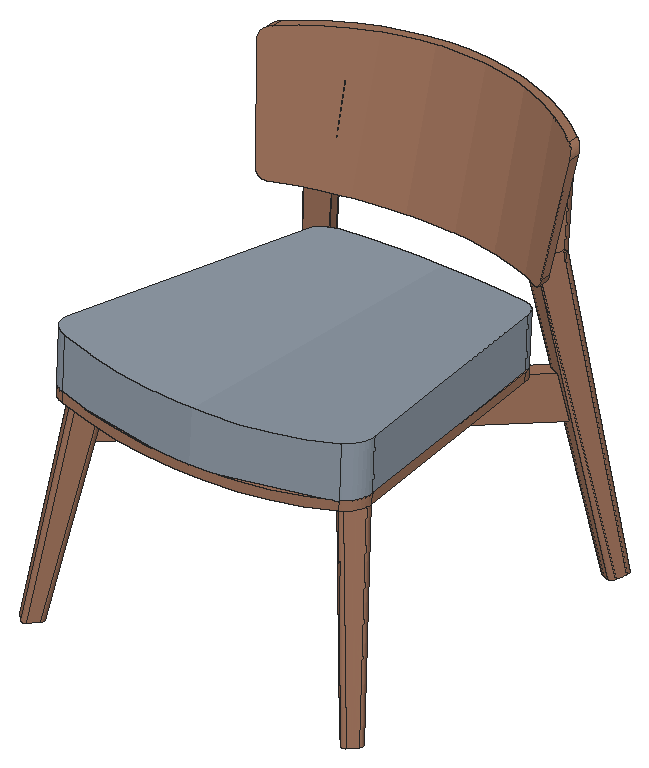
Revit family "FU_Chair_Sandler_Hellen PL 01", category Furniture, Revit 2020
Family settings
  OmniClass Number = 23.40.20.00
  OmniClass Title = General Furniture and Specialties
  Work Plane-Based = No
  Always vertical = Yes
  Cut with Voids When Loaded = No
  Shared = No
  Room Calculation Point = No
Parameters (values of type "Hellen PL 01")
  Width = 610 mm
  URL = "https://www.sandlerseating.com/product/hellen-pl-01/"
  Seat [instance] = Fabric - Gravity - Frozen CPC27
  Model = "Hellen PL 01"
  Manufacturer = "Sandler"
  Height = 765 mm
  Frame [instance] = Wood - Beech - Cherry Wood - V
  Description = "Lounge chair with upholstered seat on a solid beech wood frame."
  Depth = 645 mm
  Default Elevation = 0 mm
Reference planes
  plane 1 "Center (Front/Back)": y = 0
  plane 2: z = 0
  plane 3 "Center (Left/Right)": x = 0
  plane 4 "Right": x = -305
  plane 5 "Left": x = 305
  plane 6 "Back": y = 322.5
  plane 7 "Front": y = -322.5
  plane 8 "Height": z = 765
  plane 9 "Seat height": z = 450
  plane 10 "BLL TOP": through (270.416, 295.505, 1200) normal (0.6894, -0.7243, 0)
  plane 11 "BL RIGHT": through (4267.2, 306.78, 3.717) normal (0, -0.9936, -0.1134)
  plane 12 "BLL Lower FRONT": through (268.44, -1524, 0.814) normal (-0.9885, 0, -0.1512)
  plane 13: through (4267.2, 248.104, 517.878) normal (0, -0.9812, 0.1931)
  plane 14 "Center L/S": through (-268.44, -1524, 0.814) normal (-0.9885, 0, 0.1512)
  plane 15 "Seat Frame Cross RIGHT": through (4267.2, -243.39, 277.238) normal (0, 0.0527, 0.9986)
Forms (mm)
  Blend 1, solid, material "Wood - Beech - Cherry Wood - V" <- "Frame"
    base sketch origin (0, 0, 0) x (1, 0, 0) y (0, 1, 0)
      loop
        line (291.351, -320.424) -> (303.834, -306.95)
        arc (303.834, -306.95) -> (305.699, -302.271) -> (303.94, -297.551) r 7
        line (303.94, -297.551) -> (290.831, -282.75)
        arc (290.831, -282.75) -> (285.665, -280.392) -> (280.45, -282.64) r 7
        line (280.45, -282.64) -> (267.821, -296.302)
        arc (267.821, -296.302) -> (265.971, -300.991) -> (267.769, -305.7) r 6.964
        line (267.769, -305.7) -> (281.023, -320.361)
        arc (281.023, -320.361) -> (286.173, -322.666) -> (291.351, -320.424) r 7
    top sketch origin (0, 0, 0) x (1, 0, 0) y (0, 1, 0)
      loop
        arc (240.084, -206.413) -> (234.847, -204.083) -> (229.626, -206.446) r 7
        line (229.626, -206.446) -> (208.815, -229.975)
        arc (208.815, -229.975) -> (207.059, -234.634) -> (208.844, -239.283) r 7
        line (208.844, -239.283) -> (232.882, -266.124)
        arc (232.882, -266.124) -> (238.096, -268.444) -> (243.295, -266.092) r 6.97
        line (243.295, -266.092) -> (264.128, -242.537)
        arc (264.128, -242.537) -> (265.885, -237.877) -> (264.099, -233.229) r 7
        line (264.099, -233.229) -> (240.084, -206.413)
    from 0 to 351.71
  SweptBlend 2, solid, material "Wood - Beech - Cherry Wood - V" <- "Frame"
    path origin (0, 303.255, 34.607) x (0, 0.113383, -0.993551) y (1, 0, 0)
      loop
        line (34.013, 268.44) -> (-487.991, 188.066)
    profile origin (268.44, 307.111, 0.814) x (-0.988353, 0.017255, -0.151198) y (0, -0.993551, -0.113383)
      loop
        arc (13.151, 5.211) -> (13.362, 11.331) -> (9.184, 15.807) r 8
        line (9.184, 15.807) -> (-5.706, 22.586)
        arc (-5.706, 22.586) -> (-11.825, 22.797) -> (-16.301, 18.62) r 8
        line (-16.301, 18.62) -> (-23.592, 2.606)
        arc (-23.592, 2.606) -> (-23.803, -3.513) -> (-19.626, -7.99) r 8
        line (-19.626, -7.99) -> (-4.736, -14.769)
        arc (-4.736, -14.769) -> (1.384, -14.98) -> (5.86, -10.802) r 8
        line (5.86, -10.802) -> (13.151, 5.211)
    end profile origin (188.066, 247.925, 519.451) x (-0.988353, 0.017255, -0.151198) y (0, -0.993551, -0.113383)
      loop
        line (0.433, -17.245) -> (18.873, 23.838) -> (-19.114, 40.888) -> (-37.536, -0.155)
        arc (-37.536, -0.155) -> (-37.715, -6.275) -> (-33.514, -10.729) r 8
        line (-33.514, -10.729) -> (-10.083, -21.246)
        arc (-10.083, -21.246) -> (-3.996, -21.423) -> (0.433, -17.245) r 7.956
  SweptBlend 3, solid, material "Wood - Beech - Cherry Wood - V" <- "Frame"
    path origin (0, 0, 0) x (0, 1, 0) y (0, 0, 1)
      loop
        line (246.391, 509.171) -> (279.216, 675.971)
    profile origin (0, 246.391, 509.171) x (0, -0.981181, 0.193091) y (1, 0, 0)
      loop
        line (-16.916, 187.566) -> (24.167, 169.126) -> (41.217, 207.114) -> (0.174, 225.536)
        arc (0.174, 225.536) -> (-5.947, 225.714) -> (-10.401, 221.513) r 8
        line (-10.401, 221.513) -> (-20.917, 198.083)
        arc (-20.917, 198.083) -> (-21.095, 191.996) -> (-16.916, 187.566) r 7.956
    end profile origin (0, 279.216, 675.971) x (0, -0.981181, 0.193091) y (1, 0, 0)
      loop
        line (-8.282, 182.3) -> (32.801, 163.861) -> (49.852, 201.848) -> (8.808, 220.27)
        arc (8.808, 220.27) -> (2.688, 220.449) -> (-1.766, 216.247) r 8
        line (-1.766, 216.247) -> (-12.282, 192.817)
        arc (-12.282, 192.817) -> (-12.46, 186.73) -> (-8.282, 182.3) r 7.956
  SweptBlend 4, solid, material "Wood - Beech - Cherry Wood - V" <- "Frame"
    path origin (0, 303.255, 34.607) x (0, 0.113383, -0.993551) y (-1, 0, 0)
      loop
        line (34.013, 268.44) -> (-487.991, 188.066)
    profile origin (-268.44, 307.111, 0.814) x (-0.988353, -0.017255, 0.151198) y (0, -0.993551, -0.113383)
      loop
        line (-13.151, 5.211) -> (-5.86, -10.802)
        arc (-5.86, -10.802) -> (-1.384, -14.98) -> (4.736, -14.769) r 8
        line (4.736, -14.769) -> (19.626, -7.99)
        arc (19.626, -7.99) -> (23.803, -3.513) -> (23.592, 2.606) r 8
        line (23.592, 2.606) -> (16.301, 18.62)
        arc (16.301, 18.62) -> (11.825, 22.797) -> (5.706, 22.586) r 8
        line (5.706, 22.586) -> (-9.184, 15.807)
        arc (-9.184, 15.807) -> (-13.362, 11.331) -> (-13.151, 5.211) r 8
    end profile origin (-188.066, 247.925, 519.451) x (-0.988353, -0.017255, 0.151198) y (0, -0.993551, -0.113383)
      loop
        arc (-0.433, -17.245) -> (3.996, -21.423) -> (10.083, -21.246) r 7.956
        line (10.083, -21.246) -> (33.514, -10.729)
        arc (33.514, -10.729) -> (37.715, -6.275) -> (37.536, -0.155) r 8
        line (37.536, -0.155) -> (19.114, 40.888) -> (-18.873, 23.838) -> (-0.433, -17.245)
  SweptBlend 5, solid, material "Wood - Beech - Cherry Wood - V" <- "Frame"
    path origin (0, 0, 0) x (0, 1, 0) y (0, 0, -1)
      loop
        line (246.391, -509.171) -> (279.216, -675.971)
    profile origin (0, 246.391, 509.171) x (0, 0.981181, -0.193091) y (-1, 0, 0)
      loop
        arc (16.916, 187.566) -> (21.095, 191.996) -> (20.917, 198.083) r 7.956
        line (20.917, 198.083) -> (10.401, 221.513)
        arc (10.401, 221.513) -> (5.947, 225.714) -> (-0.174, 225.536) r 8
        line (-0.174, 225.536) -> (-41.217, 207.114) -> (-24.167, 169.126) -> (16.916, 187.566)
    end profile origin (0, 279.216, 675.971) x (0, 0.981181, -0.193091) y (-1, 0, 0)
      loop
        arc (8.282, 182.3) -> (12.46, 186.73) -> (12.282, 192.817) r 7.956
        line (12.282, 192.817) -> (1.766, 216.247)
        arc (1.766, 216.247) -> (-2.688, 220.449) -> (-8.808, 220.27) r 8
        line (-8.808, 220.27) -> (-49.852, 201.848) -> (-32.801, 163.861) -> (8.282, 182.3)
  Blend 6, solid, material "Wood - Beech - Cherry Wood - V" <- "Frame"
    base sketch origin (0, 0, 0) x (-1, 0, 0) y (0, -1, 0)
      loop
        arc (291.351, 320.424) -> (286.173, 322.666) -> (281.023, 320.361) r 7
        line (281.023, 320.361) -> (267.769, 305.7)
        arc (267.769, 305.7) -> (265.971, 300.991) -> (267.821, 296.302) r 6.964
        line (267.821, 296.302) -> (280.45, 282.64)
        arc (280.45, 282.64) -> (285.665, 280.392) -> (290.831, 282.75) r 7
        line (290.831, 282.75) -> (303.94, 297.551)
        arc (303.94, 297.551) -> (305.699, 302.271) -> (303.834, 306.95) r 7
        line (303.834, 306.95) -> (291.351, 320.424)
    top sketch origin (0, 0, 0) x (-1, 0, 0) y (0, -1, 0)
      loop
        line (240.084, 206.413) -> (264.099, 233.229)
        arc (264.099, 233.229) -> (265.885, 237.877) -> (264.128, 242.537) r 7
        line (264.128, 242.537) -> (243.295, 266.092)
        arc (243.295, 266.092) -> (238.096, 268.444) -> (232.882, 266.124) r 6.97
        line (232.882, 266.124) -> (208.844, 239.283)
        arc (208.844, 239.283) -> (207.059, 234.634) -> (208.815, 229.975) r 7
        line (208.815, 229.975) -> (229.626, 206.446)
        arc (229.626, 206.446) -> (234.847, 204.083) -> (240.084, 206.413) r 7
    from 0 to 351.71
  Extrusion 7, solid, material "Wood - Beech - Cherry Wood - V" <- "Frame"
    sketch origin (0, 13.915, 263.658) x (0, -0.99861, 0.052704) y (1, 0, 0)
      loop
        line (239.828, -242.88) -> (258.707, -224.001) -> (13.828, 0) -> (258.707, 224.001) -> (239.828, 242.88) -> (61.442, 81.159) -> (-74.896, 81.159) -> (-250.611, 241.893) -> (-271.671, 220.833) -> (-28.081, 0) -> (-271.671, -220.833) -> (-250.611, -241.893) -> (-74.896, -81.159) -> (61.442, -81.159) -> (239.828, -242.88)
    from 0 to 76.127
  Sweep 8, solid, material "Wood - Beech - Cherry Wood - V" <- "Frame"
    path origin (0, 0, 40) x (0, 1, 0) y (0, 0, 1)
      loop
        line (-322.5, 289.249) -> (261.003, 271.749)
    profile "pro_Hellen PL_seat : pro_Hellen PL_seat" origin (0, -30.749, 320.499) x (0, 0.029976, 0.999551) y (1, 0, 0)
      loop
        line (42.731, 280) -> (26.12, 280)
        arc (26.12, 280) -> (0, 0) -> (26.12, -280) r 1513.813
        line (26.12, -280) -> (42.731, -280)
        arc (42.731, -280) -> (16.61, 0) -> (42.731, 280) r 1513.807
  Extrusion 9, void
    sketch origin (0, 13.915, 263.658) x (0, -0.99861, 0.052704) y (1, 0, 0)
      loop
        arc (261.177, -274.722) -> (287.258, -268.987) -> (301.703, -246.528) r 35
        arc (301.703, -246.528) -> (323.968, 0) -> (301.703, 246.528) r 1375.943
        arc (301.703, 246.528) -> (287.258, 268.987) -> (261.177, 274.722) r 35
        line (261.177, 274.722) -> (-178.54, 197.003)
        arc (-178.54, 197.003) -> (-200.422, 186.284) -> (-213.245, 165.566) r 44
        arc (-213.245, 165.566) -> (-236.041, 0) -> (-213.245, -165.566) r 612.635
        arc (-213.245, -165.566) -> (-200.422, -186.284) -> (-178.54, -197.003) r 44
        line (-178.54, -197.003) -> (261.177, -274.722)
      loop
        line (-311.821, -305) -> (343.592, -305) -> (343.592, 305) -> (-311.821, 305) -> (-311.821, -305)
    from 40.978 to 200.418
  Sweep 10, solid, material "Wood - Beech - Cherry Wood - V" <- "Frame"
    path origin (0, 0, 0) x (0, 1, 0) y (0, 0, 1)
      loop
        line (243.84, 476.366) -> (322.5, 755.494)
    profile "pro_Hellen PL_back : pro_Hellen PL_back" origin (0, 283.17, 615.93) x (0, -0.962511, 0.271242) y (1, 0, 0)
      loop
        line (103.096, -290) -> (121.993, -290)
        arc (121.993, -290) -> (15.1, 0) -> (121.993, 290) r 446.83
        line (121.993, 290) -> (103.096, 290)
        arc (103.096, 290) -> (0, 0) -> (103.096, -290) r 459.422
  Sweep 11, void
    path origin (0, 0, 0) x (0, 1, 0) y (0, 0, 1)
      loop
        line (257.767, 525.787) -> (300.801, 678.493)
    profile "pro_Hellen PL_backCut : pro_Hellen PL_backCut" origin (0, 279.284, 602.14) x (0, -0.962511, 0.271242) y (1, 0, 0)
      loop
        line (68.868, -225) -> (85.883, -225)
        arc (85.883, -225) -> (25.1, 0) -> (85.883, 225) r 446.83
        line (85.883, 225) -> (68.868, 225)
        arc (68.868, 225) -> (10, 0) -> (68.868, -225) r 459.422
  Extrusion 12, void
    sketch origin (0, 322.5, 0) x (-1, 0, 0) y (0, 0, 1)
      loop
        line (254.352, 524.562) -> (279.46, 711.582)
        arc (279.46, 711.582) -> (275.944, 723.909) -> (264.516, 729.717) r 16.03
        arc (264.516, 729.717) -> (0, 737.506) -> (-264.516, 729.717) r 4495.274
        arc (-264.516, 729.717) -> (-275.944, 723.909) -> (-279.46, 711.582) r 16.03
        line (-279.46, 711.582) -> (-254.352, 524.562)
        arc (-254.352, 524.562) -> (-249.472, 514.751) -> (-239.618, 509.956) r 17
        arc (-239.618, 509.956) -> (0, 494.99) -> (239.618, 509.956) r 1925.783
        arc (239.618, 509.956) -> (249.472, 514.751) -> (254.352, 524.562) r 17
      loop
        line (305, 799.186) -> (-305, 799.186) -> (-305, 464.924) -> (305, 464.924) -> (305, 799.186)
    from -202.002 to 6.188
  Sweep 13, solid, material "Fabric - Gravity - Frozen CPC27" <- "Seat"
    path origin (0, 0, 40) x (0, 1, 0) y (0, 0, 1)
      loop
        line (-322.5, 289.249) -> (261.003, 271.749)
    profile "pro_Hellen PL_seatUph : pro_Hellen PL_seatUph" origin (0, -30.749, 320.499) x (0, 0.029976, 0.999551) y (1, 0, 0)
      loop
        line (131.12, 280) -> (41.12, 280)
        arc (41.12, 280) -> (15, 0) -> (41.12, -280) r 1513.813
        line (41.12, -280) -> (131.12, -280)
        arc (131.12, -280) -> (105, 0) -> (131.12, 280) r 1513.807
Cuts and joins
  Extrusion 9 cuts Sweep 8
  Sweep 11 cuts SweptBlend 5
  Sweep 11 cuts SweptBlend 3
  Extrusion 12 cuts Sweep 10
  Extrusion 9 cuts Sweep 13
Dimensions and locks
  equal spacing: plane 4 "Right", plane 3 "Center (Left/Right)", plane 5 "Left"
  "Width": plane 4 "Right" to plane 5 "Left"
  equal spacing: plane 6 "Back", plane 1 "Center (Front/Back)", plane 7 "Front"
  "Depth": plane 6 "Back" to plane 7 "Front"
  "Height": plane 8 "Height" to level
  plane 9 "Seat height" to level = 450 mm
  aligned and locked: level to plane 2
Automatic sketch dimensions
  plane 7 "Front" to Blend 1 sketch curve = 16.8 mm
  plane 5 "Left" to Blend 1 sketch curve = 37.231 mm
  plane 7 "Front" to Blend 1 sketch curve = 26.198 mm
  Blend 1 sketch curve to Blend 1 sketch curve = 0.052 mm
  Blend 1 sketch curve to Blend 1 sketch curve = 5.166 mm
  Blend 1 sketch curve to Blend 1 sketch curve = 12.629 mm
  plane 7 "Front" to Blend 1 sketch curve = 2.139 mm
  Blend 1 sketch curve to Blend 1 sketch curve = 13.254 mm
  Blend 1 sketch curve to Blend 1 sketch curve = 5.14 mm
  Blend 1 sketch curve to Blend 1 sketch curve = 5.193 mm
  Blend 1 sketch curve to Blend 1 sketch curve = 5.24 mm
  plane 7 "Front" to Blend 1 sketch curve = 2.076 mm
  Blend 1 sketch curve to Blend 1 sketch curve = 5.135 mm
  plane 5 "Left" to Blend 1 sketch curve = 6.3 mm
  plane 5 "Left" to Blend 1 sketch curve = 1.166 mm
  plane 5 "Left" to Blend 1 sketch curve = 1.06 mm
  plane 7 "Front" to Blend 1 sketch curve = 15.55 mm
  Blend 1 sketch curve to Blend 1 sketch curve = 4.758 mm
  Blend 1 sketch curve to Blend 1 sketch curve = 13.638 mm
  Blend 1 sketch curve to Blend 1 sketch curve = 4.641 mm
  plane 5 "Left" to Blend 1 sketch curve = 96.185 mm
  Blend 1 sketch curve to Blend 1 sketch curve = 0.029 mm
  Blend 1 sketch curve to Blend 1 sketch curve = 5.243 mm  (x3)
  Blend 1 sketch curve to Blend 1 sketch curve = 20.81 mm  (x2)
  Blend 1 sketch curve to Blend 1 sketch curve = 24.038 mm
  Blend 1 sketch curve to Blend 1 sketch curve = 5.192 mm
  Blend 1 sketch curve to Blend 1 sketch curve = 5.215 mm  (x2)
  Blend 1 sketch curve to Blend 1 sketch curve = 5.221 mm
  plane 7 "Front" to Blend 1 sketch curve = 56.376 mm
  Blend 1 sketch curve to Blend 1 sketch curve = 0.032 mm
  Blend 1 sketch curve to Blend 1 sketch curve = 23.555 mm
  Blend 1 sketch curve to Blend 1 sketch curve = 26.841 mm
  Blend 1 sketch curve to Blend 1 sketch curve = 4.637 mm  (x2)
  Blend 1 sketch curve to Blend 1 sketch curve = 4.67 mm
  Blend 1 sketch curve to Blend 1 sketch curve = 23.53 mm
  plane 5 "Left" to SweptBlend 2 sketch curve = 116.934 mm
  plane 5 "Left" to SweptBlend 2 sketch curve = 36.56 mm
  SweptBlend 2 sketch curve to SweptBlend 2 sketch curve = 522.004 mm
  plane 11 "BL RIGHT" to SweptBlend 2 sketch curve = 2.606 mm
  profile plane to SweptBlend 2 sketch curve = 23.592 mm
  SweptBlend 2 sketch curve to plane 11 "BL RIGHT" = 7.99 mm
  SweptBlend 2 sketch curve to SweptBlend 2 sketch curve = 3.966 mm  (x2)
  SweptBlend 2 sketch curve to plane 11 "BL RIGHT" = 0.709 mm
  profile plane to SweptBlend 2 sketch curve = 16.301 mm
  SweptBlend 2 sketch curve to SweptBlend 2 sketch curve = 7.281 mm  (x2)
  profile plane to SweptBlend 2 sketch curve = 5.706 mm
  profile plane to SweptBlend 2 sketch curve = 4.736 mm
  profile plane to SweptBlend 2 sketch curve = 1.421 mm
  SweptBlend 2 sketch curve to profile plane = 5.86 mm
  SweptBlend 2 sketch curve to profile plane = 5.87 mm
  SweptBlend 2 sketch curve to SweptBlend 2 sketch curve = 3.315 mm  (x3)
  plane 11 "BL RIGHT" to SweptBlend 2 sketch curve = 5.211 mm
  SweptBlend 2 sketch curve to plane 11 "BL RIGHT" = 10.802 mm
  plane 11 "BL RIGHT" to SweptBlend 2 sketch curve = 15.305 mm
  SweptBlend 2 sketch curve to plane 11 "BL RIGHT" = 0.155 mm
  profile plane to SweptBlend 2 sketch curve = 37.536 mm
  SweptBlend 2 sketch curve to plane 11 "BL RIGHT" = 10.729 mm
  SweptBlend 2 sketch curve to SweptBlend 2 sketch curve = 4.023 mm
  SweptBlend 2 sketch curve to plane 11 "BL RIGHT" = 3.431 mm
  profile plane to SweptBlend 2 sketch curve = 19.114 mm
  profile plane to SweptBlend 2 sketch curve = 10.083 mm
  profile plane to SweptBlend 2 sketch curve = 6.825 mm
  SweptBlend 2 sketch curve to profile plane = 0.433 mm
  SweptBlend 2 sketch curve to profile plane = 18.873 mm
  SweptBlend 2 sketch curve to plane 11 "BL RIGHT" = 13.987 mm
  SweptBlend 2 sketch curve to SweptBlend 2 sketch curve = 3.258 mm
  SweptBlend 3 sketch curve to plane 13 = 0 mm  (x2)
  plane 9 "Seat height" to SweptBlend 3 sketch curve = 59.171 mm
  SweptBlend 3 sketch curve to plane 6 "Back" = 43.284 mm
  profile plane to SweptBlend 3 sketch curve = 20.917 mm
  SweptBlend 3 sketch curve to SweptBlend 3 sketch curve = 4.001 mm
  SweptBlend 3 sketch curve to SweptBlend 3 sketch curve = 3.258 mm
  profile plane to SweptBlend 3 sketch curve = 10.401 mm
  profile plane to SweptBlend 3 sketch curve = 3.102 mm
  SweptBlend 3 sketch curve to profile plane = 0.174 mm
  SweptBlend 3 sketch curve to profile plane = 24.167 mm
  SweptBlend 3 sketch curve to profile plane = 41.217 mm
  plane 3 "Center (Left/Right)" to SweptBlend 3 sketch curve = 169.126 mm
  SweptBlend 3 sketch curve to SweptBlend 3 sketch curve = 18.44 mm  (x2)
  SweptBlend 3 sketch curve to SweptBlend 3 sketch curve = 7.259 mm  (x2)
  SweptBlend 3 sketch curve to SweptBlend 3 sketch curve = 7.299 mm  (x2)
  profile plane to SweptBlend 3 sketch curve = 12.282 mm
  profile plane to SweptBlend 3 sketch curve = 8.282 mm
  profile plane to SweptBlend 3 sketch curve = 5.024 mm
  profile plane to SweptBlend 3 sketch curve = 1.766 mm
  SweptBlend 3 sketch curve to profile plane = 5.532 mm
  SweptBlend 3 sketch curve to SweptBlend 3 sketch curve = 3.276 mm
  SweptBlend 3 sketch curve to profile plane = 32.801 mm
  SweptBlend 3 sketch curve to SweptBlend 3 sketch curve = 17.05 mm
  plane 3 "Center (Left/Right)" to SweptBlend 3 sketch curve = 163.861 mm
  plane 4 "Right" to SweptBlend 4 sketch curve = 116.934 mm
  plane 4 "Right" to SweptBlend 4 sketch curve = 36.56 mm
  SweptBlend 4 sketch curve to SweptBlend 4 sketch curve = 522.004 mm
  plane 11 "BL RIGHT" to SweptBlend 4 sketch curve = 5.211 mm
  profile plane to SweptBlend 4 sketch curve = 13.151 mm
  profile plane to SweptBlend 4 sketch curve = 9.184 mm
  profile plane to SweptBlend 4 sketch curve = 5.87 mm
  profile plane to SweptBlend 4 sketch curve = 5.86 mm
  SweptBlend 4 sketch curve to profile plane = 1.421 mm
  SweptBlend 4 sketch curve to profile plane = 4.736 mm
  SweptBlend 4 sketch curve to profile plane = 5.706 mm
  SweptBlend 4 sketch curve to SweptBlend 4 sketch curve = 3.315 mm  (x4)
  SweptBlend 4 sketch curve to SweptBlend 4 sketch curve = 7.281 mm
  SweptBlend 4 sketch curve to plane 11 "BL RIGHT" = 0.709 mm
  SweptBlend 4 sketch curve to profile plane = 16.311 mm
  SweptBlend 4 sketch curve to plane 11 "BL RIGHT" = 7.99 mm
  plane 11 "BL RIGHT" to SweptBlend 4 sketch curve = 2.606 mm
  SweptBlend 4 sketch curve to plane 11 "BL RIGHT" = 10.802 mm
  SweptBlend 4 sketch curve to SweptBlend 4 sketch curve = 3.966 mm
  plane 11 "BL RIGHT" to SweptBlend 4 sketch curve = 15.305 mm
  profile plane to SweptBlend 4 sketch curve = 18.873 mm
  profile plane to SweptBlend 4 sketch curve = 0.433 mm
  SweptBlend 4 sketch curve to profile plane = 6.825 mm
  SweptBlend 4 sketch curve to SweptBlend 4 sketch curve = 3.258 mm  (x2)
  SweptBlend 4 sketch curve to profile plane = 19.114 mm
  SweptBlend 4 sketch curve to plane 11 "BL RIGHT" = 3.431 mm
  SweptBlend 4 sketch curve to SweptBlend 4 sketch curve = 23.412 mm
  SweptBlend 4 sketch curve to plane 11 "BL RIGHT" = 10.729 mm
  SweptBlend 4 sketch curve to SweptBlend 4 sketch curve = 3.276 mm
  SweptBlend 4 sketch curve to plane 11 "BL RIGHT" = 0.155 mm
  SweptBlend 4 sketch curve to plane 11 "BL RIGHT" = 13.987 mm
  plane 13 to SweptBlend 5 sketch curve = 0 mm
  SweptBlend 5 sketch curve to plane 13 = 0 mm
  plane 9 "Seat height" to SweptBlend 5 sketch curve = 59.171 mm
  SweptBlend 5 sketch curve to plane 6 "Back" = 43.284 mm
  profile plane to SweptBlend 5 sketch curve = 41.217 mm
  profile plane to SweptBlend 5 sketch curve = 24.167 mm
  profile plane to SweptBlend 5 sketch curve = 0.174 mm
  SweptBlend 5 sketch curve to profile plane = 3.102 mm
  SweptBlend 5 sketch curve to SweptBlend 5 sketch curve = 7.299 mm  (x3)
  SweptBlend 5 sketch curve to profile plane = 13.658 mm
  SweptBlend 5 sketch curve to SweptBlend 5 sketch curve = 3.258 mm  (x2)
  SweptBlend 5 sketch curve to SweptBlend 5 sketch curve = 7.259 mm  (x4)
  profile plane to SweptBlend 5 sketch curve = 169.126 mm
  SweptBlend 5 sketch curve to SweptBlend 5 sketch curve = 18.44 mm  (x2)
  profile plane to SweptBlend 5 sketch curve = 49.852 mm
  profile plane to SweptBlend 5 sketch curve = 32.801 mm
  profile plane to SweptBlend 5 sketch curve = 8.808 mm
  profile plane to SweptBlend 5 sketch curve = 5.532 mm
  SweptBlend 5 sketch curve to profile plane = 1.766 mm
  SweptBlend 5 sketch curve to profile plane = 5.024 mm
  profile plane to SweptBlend 5 sketch curve = 163.861 mm
  Blend 6 sketch curve to plane 7 "Front" = 16.8 mm
  plane 4 "Right" to Blend 6 sketch curve = 37.231 mm
  Blend 6 sketch curve to plane 7 "Front" = 26.198 mm
  Blend 6 sketch curve to Blend 6 sketch curve = 0.052 mm
  Blend 6 sketch curve to Blend 6 sketch curve = 5.166 mm
  Blend 6 sketch curve to Blend 6 sketch curve = 12.629 mm
  Blend 6 sketch curve to plane 7 "Front" = 2.139 mm
  Blend 6 sketch curve to Blend 6 sketch curve = 13.254 mm
  Blend 6 sketch curve to Blend 6 sketch curve = 5.14 mm
  Blend 6 sketch curve to Blend 6 sketch curve = 5.193 mm
  Blend 6 sketch curve to Blend 6 sketch curve = 5.24 mm
  Blend 6 sketch curve to plane 7 "Front" = 2.076 mm
  Blend 6 sketch curve to Blend 6 sketch curve = 5.135 mm
  plane 4 "Right" to Blend 6 sketch curve = 6.3 mm
  plane 4 "Right" to Blend 6 sketch curve = 1.166 mm
  plane 4 "Right" to Blend 6 sketch curve = 1.06 mm
  Blend 6 sketch curve to plane 7 "Front" = 15.55 mm
  Blend 6 sketch curve to Blend 6 sketch curve = 4.758 mm
  Blend 6 sketch curve to Blend 6 sketch curve = 13.638 mm
  Blend 6 sketch curve to Blend 6 sketch curve = 4.641 mm
  plane 4 "Right" to Blend 6 sketch curve = 96.185 mm
  Blend 6 sketch curve to Blend 6 sketch curve = 0.029 mm
  Blend 6 sketch curve to Blend 6 sketch curve = 5.243 mm  (x3)
  Blend 6 sketch curve to Blend 6 sketch curve = 20.81 mm  (x2)
  Blend 6 sketch curve to Blend 6 sketch curve = 24.038 mm
  Blend 6 sketch curve to Blend 6 sketch curve = 5.192 mm
  Blend 6 sketch curve to Blend 6 sketch curve = 5.215 mm  (x2)
  Blend 6 sketch curve to Blend 6 sketch curve = 5.221 mm
  Blend 6 sketch curve to plane 7 "Front" = 56.376 mm
  Blend 6 sketch curve to Blend 6 sketch curve = 0.032 mm
  Blend 6 sketch curve to Blend 6 sketch curve = 23.555 mm
  Blend 6 sketch curve to Blend 6 sketch curve = 26.841 mm
  Blend 6 sketch curve to Blend 6 sketch curve = 4.637 mm  (x2)
  Blend 6 sketch curve to Blend 6 sketch curve = 4.67 mm
  Blend 6 sketch curve to Blend 6 sketch curve = 23.53 mm
  Extrusion 7 sketch curve to plane 3 "Center (Left/Right)" = 0 mm  (x2)
  Extrusion 7 sketch curve to plane 4 "Right" = 84.167 mm
  Extrusion 7 sketch curve to plane 4 "Right" = 63.107 mm
  Extrusion 7 sketch curve to Extrusion 7 sketch curve = 21.06 mm  (x2)
  plane 3 "Center (Left/Right)" to Extrusion 7 sketch curve = 81.159 mm
  Extrusion 7 sketch curve to Extrusion 7 sketch curve = 175.715 mm
  Extrusion 7 sketch curve to plane 3 "Center (Left/Right)" = 81.159 mm
  Extrusion 7 sketch curve to Extrusion 7 sketch curve = 0 mm  (x2)
  Extrusion 7 sketch curve to Extrusion 7 sketch curve = 46.815 mm
  Extrusion 7 sketch curve to Extrusion 7 sketch curve = 41.908 mm
  Extrusion 7 sketch curve to Extrusion 7 sketch curve = 47.614 mm  (x2)
  plane 5 "Left" to Extrusion 7 sketch curve = 62.12 mm
  Extrusion 7 sketch curve to Extrusion 7 sketch curve = 178.386 mm  (x2)
  Extrusion 7 sketch curve to plane 4 "Right" = 62.12 mm
  Extrusion 7 sketch curve to plane 4 "Right" = 80.999 mm
  Extrusion 7 sketch curve to Extrusion 7 sketch curve = 18.879 mm  (x2)
  plane 5 "Left" to Extrusion 7 sketch curve = 80.999 mm
  plane 5 "Left" to Extrusion 7 sketch curve = 63.107 mm
  plane 5 "Left" to Extrusion 7 sketch curve = 84.167 mm
  Sweep 8 sketch curve to plane 7 "Front" = 0 mm
  Sweep 8 sketch curve to plane 6 "Back" = 61.497 mm
  Sweep 8 sketch curve to plane 9 "Seat height" = 138.251 mm
  Sweep 8 sketch curve to plane 9 "Seat height" = 120.751 mm
  Extrusion 9 sketch curve to plane 3 "Center (Left/Right)" = 0 mm  (x2)
  Extrusion 9 sketch curve to plane 5 "Left" = 0 mm
  Extrusion 9 sketch curve to plane 4 "Right" = 0 mm
  Extrusion 9 sketch curve to Extrusion 9 sketch curve = 740.154 mm
  plane 5 "Left" to Extrusion 9 sketch curve = 107.997 mm
  Extrusion 9 sketch curve to Extrusion 9 sketch curve = 133.281 mm  (x2)
  Extrusion 9 sketch curve to plane 4 "Right" = 107.997 mm
  Extrusion 9 sketch curve to Extrusion 9 sketch curve = 7.658 mm  (x2)
  Extrusion 9 sketch curve to plane 4 "Right" = 30.278 mm
  Extrusion 9 sketch curve to Extrusion 9 sketch curve = 439.718 mm  (x2)
  plane 5 "Left" to Extrusion 9 sketch curve = 30.278 mm
  Extrusion 9 sketch curve to Extrusion 9 sketch curve = 6.092 mm  (x2)
  Extrusion 9 sketch curve to Extrusion 9 sketch curve = 82.415 mm
  Extrusion 9 sketch curve to Extrusion 9 sketch curve = 109.325 mm
  Extrusion 9 sketch curve to Extrusion 9 sketch curve = 34.466 mm  (x2)
  Extrusion 9 sketch curve to Extrusion 9 sketch curve = 43.328 mm  (x2)
  Extrusion 9 sketch curve to Extrusion 9 sketch curve = 0 mm  (x2)
  Sweep 10 sketch curve to plane 6 "Back" = 0 mm
  plane 9 "Seat height" to Sweep 10 sketch curve = 26.366 mm
  Sweep 10 sketch curve to plane 6 "Back" = 78.66 mm
  Sweep 10 sketch curve to plane 8 "Height" = 9.506 mm
  Sweep 11 sketch curve to plane 6 "Back" = 64.733 mm
  plane 9 "Seat height" to Sweep 11 sketch curve = 75.787 mm
  Sweep 11 sketch curve to plane 6 "Back" = 21.699 mm
  Sweep 11 sketch curve to plane 8 "Height" = 86.507 mm
  plane 5 "Left" to Extrusion 12 sketch curve = 0 mm
  Extrusion 12 sketch curve to plane 3 "Center (Left/Right)" = 0 mm
  plane 3 "Center (Left/Right)" to Extrusion 12 sketch curve = 0 mm
  plane 4 "Right" to Extrusion 12 sketch curve = 0 mm
  plane 5 "Left" to Extrusion 12 sketch curve = 25.54 mm
  Extrusion 12 sketch curve to Extrusion 12 sketch curve = 15.887 mm  (x2)
  plane 5 "Left" to Extrusion 12 sketch curve = 50.648 mm
  Extrusion 12 sketch curve to Extrusion 12 sketch curve = 16.849 mm  (x2)
  Extrusion 12 sketch curve to plane 4 "Right" = 67.497 mm
  Extrusion 12 sketch curve to plane 4 "Right" = 41.427 mm
  Extrusion 12 sketch curve to level = 3757.768 mm
  plane 9 "Seat height" to Extrusion 12 sketch curve = 14.924 mm
  plane 9 "Seat height" to Extrusion 12 sketch curve = 74.562 mm  (x2)
  Extrusion 12 sketch curve to Extrusion 12 sketch curve = 2.262 mm  (x2)
  Extrusion 12 sketch curve to plane 8 "Height" = 53.418 mm  (x2)
  Extrusion 12 sketch curve to Extrusion 12 sketch curve = 2.133 mm  (x2)
  plane 8 "Height" to Extrusion 12 sketch curve = 34.186 mm
  Extrusion 12 sketch curve to Extrusion 12 sketch curve = 1621.588 mm
  Extrusion 12 sketch curve to Extrusion 12 sketch curve = 0 mm  (x2)
  Sweep 13 sketch curve to plane 7 "Front" = 0 mm
  Sweep 13 sketch curve to plane 6 "Back" = 61.497 mm
  Sweep 13 sketch curve to plane 9 "Seat height" = 138.251 mm
  Sweep 13 sketch curve to plane 9 "Seat height" = 120.751 mm
